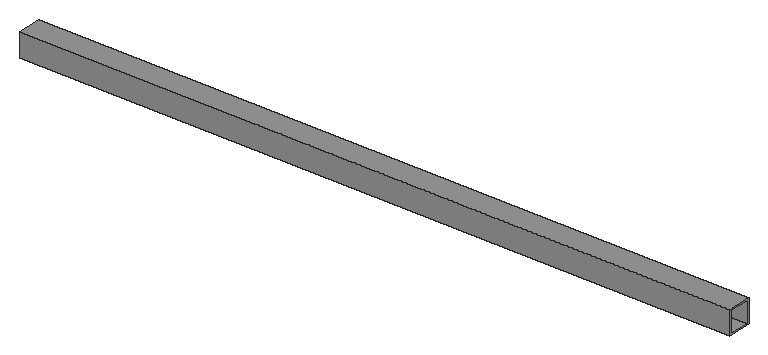
Revit family "Балка труба прямоугольная. Спринклер", category Спринклеры, Revit 2022
Family settings
  Размер круглого соединителя = Использовать диаметр
  Тип детали = Нормальный
  При загрузке вырезать с полостями = Нет
  Сохранять ориентацию аннотаций = Нет
  Общий = Нет
  Точка принадлежности помещению = Нет
Parameters (values of type "Тр. кв. 40х40х2")
  толщина = 2 mm
  Материал несущих конструкций [instance] = Сталь С245 ГОСТ 27772-88*
  Масса = 14.577
  built-in parameter 1001306 [instance] = 1200 mm
  H = 40 mm
  B = 40 mm
Types (6, lengths in mm): name | толщина | H | B
  Тр. кв. 40х40х2 | 2 | 40 | 40
  Тр. кв. 120х120х4 | 4 | 120 | 120
  Тр. кв. 100х100х5 для ВОПов | 5 | 100 | 100
  Тр. кв. 80х80х3 | 3 | 80 | 80
  Тр. кв. 100х50х5 | 5 | 100 | 50
  Тр. кв. 100х100х5 | 5 | 100 | 100
Reference planes
  plane 1 "По центру (Вперед/Назад)": y = 0
  plane 2: z = 0
  plane 3 "Слева": x = 0
  plane 4 "Справа": x = 1200
Forms (mm)
  Sweep 1, solid, material "Сталь С245 ГОСТ 27772-88*" <- "Материал несущих конструкций"
    path origin (0, 0, 0) x (1, 0, 0) y (0, 1, 0)
      loop
        line (0, 0) -> (1200, 0)
    profile origin (600, 0, 0) x (0, 1, 0) y (0, 0, 1)
      loop
        line (20, 0) -> (20, 40) -> (-20, 40) -> (-20, 0) -> (20, 0)
      loop
        line (-18, 38) -> (-18, 2) -> (18, 2) -> (18, 38) -> (-18, 38)
Lines and regions (mm)
  reference lines
    curve 1: line (0, 0, 0) -> (1200, 0, 0)
Dimensions and locks
  "built-in parameter 1001306": plane 3 "Слева" to plane 4 "Справа"
  "H": Sweep 1 sketch curve to Sweep 1 sketch curve
  "B": Sweep 1 sketch curve to Sweep 1 sketch curve
  equal spacing: Sweep 1 sketch curve, profile plane, Sweep 1 sketch curve
  "толщина": Sweep 1 sketch curve to Sweep 1 sketch curve  (x4)
  aligned and locked: plane 4 "Справа" to curve 1
  aligned and locked: plane 1 "По центру (Вперед/Назад)" to curve 1
  aligned and locked: plane 3 "Слева" to curve 1
  aligned and locked: level to plane 2
  aligned and locked: plane 4 "Справа" to Sweep 1 sketch curve
  aligned and locked: plane 1 "По центру (Вперед/Назад)" to Sweep 1 sketch curve
Automatic sketch dimensions
  Sweep 1 sketch curve to level = 0 mm
  Sweep 1 sketch curve to plane 3 "Слева" = 0 mm
